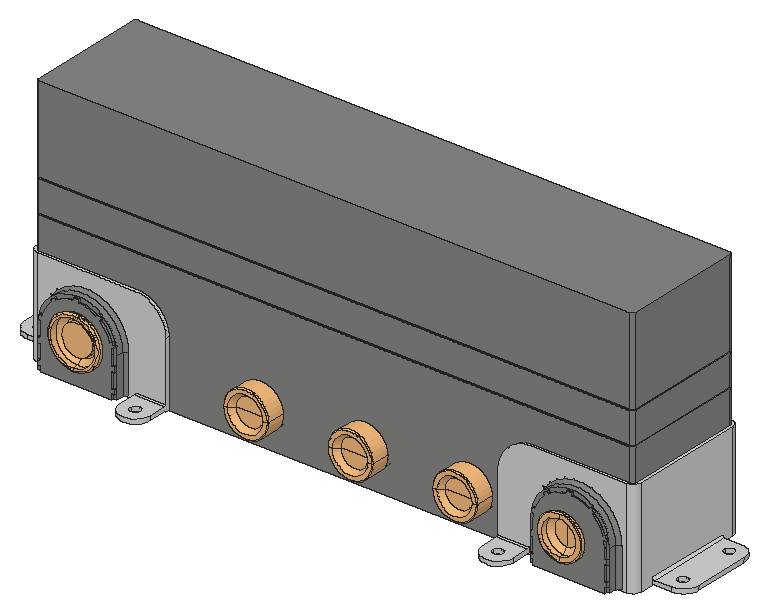
Revit family "Valve-Four_Outlet_Thermostatic-KOHLER-K-26342T_1", category Plumbing Fixtures, host Face, Revit 2017
Family settings
  Host = Face
  Round Connector Dimension = Use Diameter
  Part Type = Normal
  OmniClass Number = 23.27.31.00
  OmniClass Title = Valves
  Cut with Voids When Loaded = No
  Shared = No
  Room Calculation Point = No
Parameters (values of type "NA-Not Applicable")
  Width = 16 33/64"  # constant formula
  WaterSense Certified = 1 = 0  # no
  Waste Connection = 1 = 0  # no
  Vent Connection = 1 = 0  # no
  Tempered Water Outlet 4 = "Tempered Water Outlet 4"  # constant formula
  Tempered Water Outlet 3 = "Tempered Water Outlet 3"  # constant formula
  Tempered Water Outlet 2 = "Tempered Water Outlet 2"  # constant formula
  Tempered Water Outlet 1 = "Tempered Water Outlet 1"  # constant formula
  URL = "http://www.kohler.com.cn/"
  Type = 1
  Product Page URL = ""
  Product Name = ""
  Product Documentation Link = ""
  Pressure = 0.00 psi  # constant formula
  Model = "K-26342T-NA"  # constant formula
  Material = "Plastic construction"  # constant formula
  Master Format 2014 Name = "Control Valves"  # constant formula
  Master Format 2014 = "23 09 13.33"  # constant formula
  Manufacturer Address = "Kohler Beijing Office (100016) 36-2-03-B, No. 88, Liuxiang Road, Beijing"  # constant formula
  Manufacturer = "KOHLER Co."  # constant formula
  Length = 6 13/128"
  Hot Water Inlet = "Hot Water Inlet"  # constant formula
  Height = 4 113/128"
  HW Connection = 1 = 1  # yes
  Flow Rate = 1.75 GPM  # constant formula
  Finish = Kohler-Plastic-58-Thunder_Grey
  Environmental Product Declaration = ""
  Description = "REC PUSH-BUTTON TH VALVE- 4 OUTLET"  # constant formula
  Default Elevation = 42"
  Declare Label = ""
  Date Modified = "02/09/2021"  # constant formula
  Date Created = "02/09/2021"  # constant formula
  Copyright = "Copyright KOHLER Co."  # constant formula
  Contact Us = "http://www.kohler.com.cn/contact/contact-us/"
  Tempered Water Outlet 4 UP [instance] = yes
  Tempered Water Outlet 4 Down [instance] = not(Tempered Water Outlet 4 UP)  # no
  Tempered Water Outlet 3 UP [instance] = yes
  Tempered Water Outlet 3 Down [instance] = not(Tempered Water Outlet 3 UP)  # no
  Tempered Water Outlet 2 UP [instance] = yes
  Tempered Water Outlet 2 Down [instance] = not(Tempered Water Outlet 2 UP)  # no
  Tempered Water Outlet 1 UP [instance] = yes
  Tempered Water Outlet 1 Down [instance] = not(Tempered Water Outlet 1 UP)  # no
  Cold Water Inlet = "Cold Water Inlet"  # constant formula
  CW Connection = 1 = 1  # yes
  Assembly Code = "D2020"
  ADA Compliant = 1 = 0  # no
Reference planes (in)
  plane 1 "Center (Front/Back)": y = 0
  plane 2: z = 0
  plane 3 "Center (Left/Right)": x = 0
  plane 4: y = 2.44056
  plane 5: y = -2.44225
  plane 6: x = -8.2579
  plane 7: x = 8.25773
  plane 8: y = 2.06786
  plane 9: x = -7.88396
  plane 10: x = 7.88396
  plane 11: y = 0.7088
  plane 12: y = -0.7088
  plane 13: y = -2.06786
  plane 14: x = -4.439
  plane 15: x = 4.439
  plane 16: y = 1.59449
  plane 17: y = -1.59449
  plane 18: x = -7.41144
  plane 19: x = 7.41144
  plane 20: x = -6.0332
  plane 21: x = -1.81655
  plane 22: x = 3.3062
  plane 23: x = 0.7424
  plane 24: y = 1.06299
  plane 25: y = -1.06299
  plane 26: y = 1.51575
  plane 27: y = -1.51575
  plane 28: x = -7.31302
  plane 29: x = 3.67991
  plane 30: x = 7.31302
  plane 31: x = 5.84649
  plane 32: z = -6.10156
  plane 33: z = -5.22155
  plane 34: z = -5.11726
Forms (in)
  Extrusion 1, void
    sketch origin (0, 0, 0) x (1, 0, 0) y (0, 1, 0)
      loop
        line (-7.41144, 1.59449) -> (-7.41144, -1.59449) -> (7.41144, -1.59449) -> (7.41144, 1.59449) -> (-7.41144, 1.59449)
    from -6.10156 to 0.42611
  Extrusion 2, void
    sketch origin (0, 0, 0) x (1, 0, 0) y (0, 1, 0)
      loop
        line (-8.2579, -2.44056) -> (8.2579, -2.44056) -> (8.2579, 2.44188) -> (-8.2579, 2.44188) -> (-8.2579, -2.44056)
    from -3.65797 to -6.10236
Dimensions and locks (in)
  "Width": plane 6 to plane 7
  plane 14 to plane 15 = 8.878"
  plane 9 to plane 10 = 15.76792"
  plane 12 to plane 11 = 1.4176"
  plane 18 to plane 19 = 14.82288"
  plane 16 to plane 17 = 3.18898"
  plane 28 to plane 30 = 14.62603"
  plane 30 to plane 28 = 14.62603"
  plane 34 to plane 32 = 0.98431"
  plane 33 to plane 32 = 0.88001"
  "Length": level to plane 32
  "Height": plane 4 to plane 5
  aligned and locked: plane 2 to host face
  aligned and locked: level to host face
Automatic sketch dimensions
  host sketch curve to host sketch curve = 96"  (x2)
  Extrusion 1 sketch curve to plane 18 = 0"
  plane 17 to Extrusion 1 sketch curve = 0"
  Extrusion 1 sketch curve to plane 16 = 0"
  Extrusion 1 sketch curve to plane 19 = 0"
  Extrusion 2 sketch curve to plane 6 = 0"
  Extrusion 2 sketch curve to plane 5 = 0.00169"
  plane 4 to Extrusion 2 sketch curve = 0.00132"
  plane 7 to Extrusion 2 sketch curve = 0.00017"
Nested families (in)
  nested 1: "K-26342T" at (0, 0, -6.10236), type "K-26342T"
Connectors (in)
  piping at (-1.81655, 1.9404, -5.22241), diameter 0.5, driven by "Tempered Water Outlet 1", driven by "Flow Rate", driven by "HW Connection"
    settings: on nested 1, index 1, connector inside diameter 24", connector length 0", flow factor 0, pipe flow 1.75 GPM, pressure drop 0.00 psi, fitting loss kfactor 0, connector angle 0.00°, fixture units 0, engagement length 0", angle of deflection 0.00°, flow configuration 1, flow direction 2, fitting loss method 0, system type 19, joint type 0, gender type 0, connector reference index -1, connector utility 1, adjustable connector no, is connector primary yes, connector description "Tempered Water Outlet 1"
  piping at (0.7424, 1.9404, -5.22241), diameter 0.5, driven by "Flow Rate", driven by "HW Connection", driven by "Tempered Water Outlet 2"
    settings: on nested 1, index 2, connector inside diameter 24", connector length 0", flow factor 0, pipe flow 1.75 GPM, pressure drop 0.00 psi, fitting loss kfactor 0, connector angle 0.00°, fixture units 0, engagement length 0", angle of deflection 0.00°, flow configuration 1, flow direction 2, fitting loss method 0, system type 19, joint type 0, gender type 0, connector reference index -1, connector utility 1, adjustable connector no, is connector primary no, connector description "Tempered Water Outlet 2"
  piping at (3.3062, 1.94039, -5.22241), diameter 0.5, driven by "Flow Rate", driven by "HW Connection", driven by "Tempered Water Outlet 3"
    settings: on nested 1, index 3, connector inside diameter 24", connector length 0", flow factor 0, pipe flow 1.75 GPM, pressure drop 0.00 psi, fitting loss kfactor 0, connector angle 0.00°, fixture units 0, engagement length 0", angle of deflection 0.00°, flow configuration 1, flow direction 2, fitting loss method 0, system type 19, joint type 0, gender type 0, connector reference index -1, connector utility 1, adjustable connector no, is connector primary no, connector description "Tempered Water Outlet 3"
  piping at (5.84649, 1.85039, -5.22241), diameter 0.5, driven by "Flow Rate", driven by "HW Connection", driven by "Tempered Water Outlet 4"
    settings: on nested 1, index 4, connector inside diameter 24", connector length 0", flow factor 0, pipe flow 1.75 GPM, pressure drop 0.00 psi, fitting loss kfactor 0, connector angle 0.00°, fixture units 0, engagement length 0", angle of deflection 0.00°, flow configuration 1, flow direction 2, fitting loss method 0, system type 19, joint type 0, gender type 0, connector reference index -1, connector utility 1, adjustable connector no, is connector primary no, connector description "Tempered Water Outlet 4"
  piping at (-6.0332, -1.85039, -5.11811), diameter 0.75, driven by "Flow Rate", driven by "HW Connection", driven by "Hot Water Inlet"
    settings: on nested 1, index 5, connector inside diameter 24", connector length 0", flow factor 0, pipe flow 1.75 GPM, pressure drop 0.00 psi, fitting loss kfactor 0, connector angle 0.00°, fixture units 0, engagement length 0", angle of deflection 0.00°, flow configuration 1, flow direction 1, fitting loss method 0, system type 19, joint type 0, gender type 0, connector reference index -1, connector utility 1, adjustable connector no, is connector primary no, connector description "Hot Water Inlet"
  piping at (-6.0332, 1.85039, -5.11811), diameter 0.75, driven by "Flow Rate", driven by "CW Connection", driven by "Cold Water Inlet"
    settings: on nested 1, index 6, connector inside diameter 24", connector length 0", flow factor 0, pipe flow 1.75 GPM, pressure drop 0.00 psi, fitting loss kfactor 0, connector angle 0.00°, fixture units 0, engagement length 0", angle of deflection 0.00°, flow configuration 0, flow direction 1, fitting loss method 0, system type 20, joint type 0, gender type 0, connector reference index -1, connector utility 1, adjustable connector no, is connector primary no, connector description "Cold Water Inlet"
Definition of nested family "K-26342T"
  Parameters (values of type "K-26342T")
    Material = none
    Connector 4 UP = yes
    Connector 4 Down = not(Connector 4 UP)  # no
    Connector 4 Dis = if(Connector 4 UP, 3 1/32", 0")  # 3 1/32"
    Connector 4 Angle = if(Connector 4 UP, 0.00°, 180.00°)  # 0.00°
    Connector 3 UP = yes
    Connector 3 Down = not(Connector 3 UP)  # no
    Connector 3 Dis = if(Connector 3 UP, 3 1/32", 0")  # 3 1/32"
    Connector 3 Angle = if(Connector 3 UP, 180.00°, 0.00°)  # 180.00°
    Connector 2 UP = yes
    Connector 2 Down = not(Connector 2 UP)  # no
    Connector 2 Dis = if(Connector 2 UP, 3 1/32", 0")  # 3 1/32"
    Connector 2 Angle = if(Connector 2 UP, 0.00°, 180.00°)  # 0.00°
    Connector 1 UP = yes
    Connector 1 Down = not(Connector 1 UP)  # no
    Connector 1 Dis = if(Connector 1 UP, 3 1/32", 0")  # 3 1/32"
    Connector 1 Angle = if(Connector 1 UP, 180.00°, 0.00°)  # 180.00°
  Reference planes (in)
    plane 1 "Center (Front/Back)": y = 0
    plane 2: z = 0
    plane 3 "Center (Left/Right)": x = 0
    plane 4: y = 2.44056
    plane 5: y = 1.51575
    plane 6: y = -2.44056
    plane 7: y = -1.51575
    plane 8: y = 1.59449
    plane 9: y = -1.59449
    plane 10: x = -8.2579
    plane 11: x = -7.41144
    plane 12: x = -7.31302
    plane 13: x = -7.0079
    plane 14: x = -6.96853
    plane 15: x = -5.05851
    plane 16: x = -5.09788
    plane 17: x = -4.81302
    plane 18: x = -4.06498
    plane 19: x = -2.37242
    plane 20: x = -1.26962
    plane 21: x = 0.18692
    plane 22: x = 1.28972
    plane 23: x = 2.74605
    plane 24: x = 3.84885
    plane 25: x = 4.06498
    plane 26: x = 4.81302
    plane 27: x = 5.05851
    plane 28: x = 5.09788
    plane 29: x = 5.30429
    plane 30: x = 6.40685
    plane 31: x = 6.96853
    plane 32: x = 7.0079
    plane 33: x = 8.2579
    plane 34: x = 7.41144
    plane 35: x = 7.31302
    plane 36: z = 6.10236
    plane 37: z = 5.70866
    plane 38: z = 2.38189
    plane 39: z = 0.11829
    plane 40: x = -7.06464
    plane 41: x = -7.21499
    plane 42: x = -4.99619
    plane 43: x = -4.93113
    plane 44: x = 4.96061
    plane 45: x = 7.10628
    plane 46: x = 7.21499
    plane 47: x = -1.81655
    plane 48: x = 5.84649
    plane 49: x = 3.3062
    plane 50: x = 0.7424
    plane 51: x = -6.0332
    plane 52: y = 1.43715
    plane 53: y = 1.39764
    plane 54: y = -1.43715
    plane 55: y = -1.39764
    plane 56: y = -0.04594
    plane 57: y = 1.06299
    plane 58: y = -1.06299
    plane 59: y = 0.7088
    plane 60: y = -0.70874
    plane 61: y = 2.06786
    plane 62: x = -4.439
    plane 63: x = -7.88396
    plane 64: x = 7.88396
    plane 65: y = -2.06786
    plane 66: x = 4.439
    plane 67: z = 0.21715
    plane 68 "B": y = 1.5155
    plane 69 "C": y = 1.5155
    plane 70 "D": y = 1.5155
    plane 71 "E": y = 1.5155
    plane 72: z = 0.87995
    plane 73: z = 0.98425
    plane 74: y = 1.98819
    plane 75: y = -1.98819
  Forms (in)
    Extrusion 1, solid, material <- "Material", detail levels medium+fine
      sketch origin (0, 0, 0) x (1, 0, 0) y (0, 1, 0)
        loop
          line (7.23528, 1.51575) -> (-7.23442, 1.51575)
          arc (-7.23442, 1.51575) -> (-7.29, 1.49273) -> (-7.31302, 1.43715) r 0.0786
          line (-7.31302, 1.43715) -> (-7.31302, -1.43749)
          arc (-7.31302, -1.43749) -> (-7.29009, -1.49283) -> (-7.23476, -1.51575) r 0.07826
          line (-7.23476, -1.51575) -> (7.23455, -1.51575)
          arc (7.23455, -1.51575) -> (7.29, -1.49278) -> (7.31297, -1.43733) r 0.07842
          line (7.31297, -1.43733) -> (7.31297, 1.43806)
          arc (7.31297, 1.43806) -> (7.29022, 1.49299) -> (7.23528, 1.51575) r 0.07769
      from 0 to 6.10236
    Extrusion 2, solid, detail levels medium+fine
      sketch origin (0, 0, 0) x (1, 0, 0) y (0, 1, 0)
        loop
          line (-3.3914, 1.59449) -> (-7.21405, 1.59449)
          arc (-7.21405, 1.59449) -> (-7.35363, 1.53667) -> (-7.41144, 1.3971) r 0.19739
          line (-7.41144, 1.3971) -> (-7.41144, -1.39804)
          arc (-7.41144, -1.39804) -> (-7.3539, -1.53695) -> (-7.21499, -1.59449) r 0.19645
          line (-7.21499, -1.59449) -> (-3.3914, -1.59449) -> (-3.3914, 1.59449)
        loop
          line (3.827, 1.59449) -> (3.827, -1.59449) -> (7.21499, -1.59449)
          arc (7.21499, -1.59449) -> (7.3539, -1.53695) -> (7.41144, -1.39804) r 0.19645
          line (7.41144, -1.39804) -> (7.41144, 1.3971)
          arc (7.41144, 1.3971) -> (7.35363, 1.53667) -> (7.21405, 1.59449) r 0.19739
          line (7.21405, 1.59449) -> (3.827, 1.59449)
      from 0 to 3.16929
    Extrusion 3, void
      sketch origin (0, 0, 0) x (1, 0, 0) y (0, 0, 1)
        loop
          arc (-4.8502, 2.38189) -> (-4.29497, 2.15191) -> (-4.06498, 1.59667) r 0.78522
          line (-4.06498, 1.59667) -> (-4.06498, -0.30561) -> (-3.06498, -0.30561) -> (-3.06498, 3.38189) -> (-7.81498, 3.38189) -> (-7.81498, 2.38189) -> (-4.8502, 2.38189)
        loop
          line (7.8518, 2.38189) -> (7.8518, 3.38189) -> (3.2893, 3.38189) -> (3.2893, -0.71748) -> (4.06494, -0.71748) -> (4.06494, 1.59502)
          arc (4.06494, 1.59502) -> (4.29541, 2.15142) -> (4.8518, 2.38189) r 0.78687
          line (4.8518, 2.38189) -> (7.8518, 2.38189)
      from -2.82494 to 2.86769
    Extrusion 4, solid, detail levels medium+fine
      sketch origin (0, 0, -0.00391) x (1, 0, 0) y (0, 1, 0)
        loop
          line (-7.41144, 1.06299) -> (-7.8832, 1.06299)
          arc (-7.8832, 1.06299) -> (-8.14815, 0.95325) -> (-8.2579, 0.68829) r 0.3747
          line (-8.2579, 0.68829) -> (-8.2579, -0.68823)
          arc (-8.2579, -0.68823) -> (-8.14813, -0.95323) -> (-7.88314, -1.06299) r 0.37476
          line (-7.88314, -1.06299) -> (-7.41144, -1.06299) -> (-7.41144, 1.06299)
        loop
          arc (-4.81302, -2.06655) -> (-4.439, -2.44056) -> (-4.06498, -2.06655) r 0.37402
          line (-4.06498, -2.06655) -> (-4.06498, -1.59449) -> (-4.81302, -1.59449) -> (-4.81302, -2.06655)
        loop
          line (-4.06498, 1.59449) -> (-4.06498, 2.06786)
          arc (-4.06498, 2.06786) -> (-4.439, 2.44188) -> (-4.81302, 2.06786) r 0.37402
          line (-4.81302, 2.06786) -> (-4.81302, 1.59449) -> (-4.06498, 1.59449)
        loop
          circle (-7.88396, 0.7088) r 0.12529
        loop
          circle (-7.88396, -0.7088) r 0.12529
        loop
          circle (-4.439, 2.06786) r 0.12354
        loop
          circle (-4.439, -2.06655) r 0.12509
        loop
          line (7.41144, 1.06299) -> (7.41144, -1.06299) -> (7.88314, -1.06299)
          arc (7.88314, -1.06299) -> (8.14813, -0.95323) -> (8.2579, -0.68823) r 0.37476
          line (8.2579, -0.68823) -> (8.2579, 0.68829)
          arc (8.2579, 0.68829) -> (8.14815, 0.95325) -> (7.8832, 1.06299) r 0.3747
          line (7.8832, 1.06299) -> (7.41144, 1.06299)
        loop
          line (4.81302, -2.06655) -> (4.81302, -1.59449) -> (4.06498, -1.59449) -> (4.06498, -2.06655)
          arc (4.06498, -2.06655) -> (4.439, -2.44056) -> (4.81302, -2.06655) r 0.37402
        loop
          line (4.06498, 1.59449) -> (4.81302, 1.59449) -> (4.81302, 2.06786)
          arc (4.81302, 2.06786) -> (4.439, 2.44188) -> (4.06498, 2.06786) r 0.37402
          line (4.06498, 2.06786) -> (4.06498, 1.59449)
        loop
          circle (7.88396, 0.7088) r 0.12529
        loop
          circle (7.88396, -0.7088) r 0.12529
        loop
          circle (4.439, 2.06786) r 0.12354
        loop
          circle (4.439, -2.06655) r 0.12509
      from 0.02344 to 0.12219
    Sweep 5, solid, material <- "Material", detail levels medium+fine
      path origin (0, 0, 0) x (1, 0, 0) y (0, 0, 1)
        loop
          line (-5.05908, 0.01969) -> (-5.05908, 0.98445)
          arc (-5.05908, 0.98445) -> (-6.03349, 1.95886) -> (-7.0079, 0.98445) r 0.97441
          line (-7.0079, 0.98445) -> (-7.0079, 0.01969)
      profile origin (-7.0079, 0, 0.50207) x (0, -1, 0) y (1, 0, 0)
        loop
          line (1.85039, 0) -> (1.85039, 0.31023) -> (1.58863, 0.31023) -> (1.58863, -0.07652)
          arc (1.58863, -0.07652) -> (1.62824, -0.02118) -> (1.69291, 0) r 0.10932
          line (1.69291, 0) -> (1.85039, 0)
        loop
          line (-1.85039, 0) -> (-1.69291, 0)
          arc (-1.69291, 0) -> (-1.62824, -0.02118) -> (-1.58863, -0.07652) r 0.10932
          line (-1.58863, -0.07652) -> (-1.58863, 0.31023) -> (-1.85039, 0.31023) -> (-1.85039, 0)
    Sweep 6, solid, material <- "Material", detail levels medium+fine
      path origin (0, 0, 0) x (-1, 0, 0) y (0, 0, 1)
        loop
          line (-5.05908, 0.01969) -> (-5.05908, 0.98445)
          arc (-5.05908, 0.98445) -> (-6.03349, 1.95886) -> (-7.0079, 0.98445) r 0.97441
          line (-7.0079, 0.98445) -> (-7.0079, 0.01969)
      profile origin (7.0079, 0, 0.50207) x (0, -1, 0) y (1, 0, 0)
        loop
          line (1.85039, 0) -> (1.69291, 0)
          arc (1.69291, 0) -> (1.62042, 0.02929) -> (1.58863, 0.10072) r 0.10435
          line (1.58863, 0.10072) -> (1.58863, -0.31023) -> (1.85039, -0.31023) -> (1.85039, 0)
        loop
          line (-1.85039, 0) -> (-1.85039, -0.31023) -> (-1.58863, -0.31023) -> (-1.58863, 0.10072)
          arc (-1.58863, 0.10072) -> (-1.62042, 0.02929) -> (-1.69291, 0) r 0.10435
          line (-1.69291, 0) -> (-1.85039, 0)
    Extrusion 7, solid, material <- "Material", detail levels medium+fine
      sketch origin (0, 0, 0) x (1, 0, 0) y (0, 0, 1)
        loop
          line (-6.90947, 0.1378) -> (-6.90947, 0) -> (-5.1575, 0) -> (-5.1575, 0.1378) -> (-5.09845, 0.1378) -> (-5.09845, 0.25591) -> (-5.1575, 0.25591) -> (-5.1575, 0.62992) -> (-5.09845, 0.62992) -> (-5.09845, 0.74803) -> (-5.1575, 0.74803) -> (-5.1575, 0.98425)
          arc (-5.1575, 0.98425) -> (-5.16093, 1.06162) -> (-5.17117, 1.13839) r 0.87598
          line (-5.17117, 1.13839) -> (-5.1138, 1.15269)
          arc (-5.1138, 1.15269) -> (-5.12627, 1.21045) -> (-5.14235, 1.2673) r 0.93495
          line (-5.14235, 1.2673) -> (-5.19974, 1.25299)
          arc (-5.19974, 1.25299) -> (-5.29883, 1.46135) -> (-5.44887, 1.63661) r 0.87598
          line (-5.44887, 1.63661) -> (-5.4124, 1.68329)
          arc (-5.4124, 1.68329) -> (-5.45778, 1.72112) -> (-5.50546, 1.75602) r 0.93495
          line (-5.50546, 1.75602) -> (-5.54194, 1.70932)
          arc (-5.54194, 1.70932) -> (-5.7483, 1.81251) -> (-5.97443, 1.85824) r 0.87598
          line (-5.97443, 1.85824) -> (-5.97443, 1.91753)
          arc (-5.97443, 1.91753) -> (-6.03349, 1.9194) -> (-6.09254, 1.91753) r 0.93495
          line (-6.09254, 1.91753) -> (-6.09254, 1.85824)
          arc (-6.09254, 1.85824) -> (-6.31868, 1.81251) -> (-6.52503, 1.70932) r 0.87598
          line (-6.52503, 1.70932) -> (-6.56151, 1.75602)
          arc (-6.56151, 1.75602) -> (-6.60919, 1.72112) -> (-6.65458, 1.68329) r 0.93495
          line (-6.65458, 1.68329) -> (-6.61811, 1.63661)
          arc (-6.61811, 1.63661) -> (-6.76815, 1.46135) -> (-6.86723, 1.25299) r 0.87598
          line (-6.86723, 1.25299) -> (-6.92462, 1.2673)
          arc (-6.92462, 1.2673) -> (-6.94071, 1.21045) -> (-6.95317, 1.15269) r 0.93495
          line (-6.95317, 1.15269) -> (-6.8958, 1.13839)
          arc (-6.8958, 1.13839) -> (-6.90605, 1.06162) -> (-6.90947, 0.98425) r 0.87598
          line (-6.90947, 0.98425) -> (-6.90947, 0.74803) -> (-6.96853, 0.74803) -> (-6.96853, 0.62992) -> (-6.90947, 0.62992) -> (-6.90947, 0.25591) -> (-6.96853, 0.25591) -> (-6.96853, 0.1378) -> (-6.90947, 0.1378)
        loop
          line (6.90926, 0.1378) -> (6.96832, 0.1378) -> (6.96832, 0.25591) -> (6.90926, 0.25591) -> (6.90926, 0.62992) -> (6.96832, 0.62992) -> (6.96832, 0.74803) -> (6.90926, 0.74803) -> (6.90926, 0.98425)
          arc (6.90926, 0.98425) -> (6.90584, 1.06162) -> (6.8956, 1.13839) r 0.87598
          line (6.8956, 1.13839) -> (6.95296, 1.15269)
          arc (6.95296, 1.15269) -> (6.9405, 1.21045) -> (6.92441, 1.2673) r 0.93495
          line (6.92441, 1.2673) -> (6.86702, 1.25299)
          arc (6.86702, 1.25299) -> (6.76794, 1.46135) -> (6.6179, 1.63661) r 0.87598
          line (6.6179, 1.63661) -> (6.65437, 1.68329)
          arc (6.65437, 1.68329) -> (6.60899, 1.72112) -> (6.5613, 1.75602) r 0.93495
          line (6.5613, 1.75602) -> (6.52483, 1.70932)
          arc (6.52483, 1.70932) -> (6.31847, 1.81251) -> (6.09233, 1.85824) r 0.87598
          line (6.09233, 1.85824) -> (6.09233, 1.91753)
          arc (6.09233, 1.91753) -> (6.03328, 1.9194) -> (5.97422, 1.91753) r 0.93495
          line (5.97422, 1.91753) -> (5.97422, 1.85824)
          arc (5.97422, 1.85824) -> (5.74809, 1.81251) -> (5.54173, 1.70932) r 0.87598
          line (5.54173, 1.70932) -> (5.50525, 1.75602)
          arc (5.50525, 1.75602) -> (5.45757, 1.72112) -> (5.41219, 1.68329) r 0.93495
          line (5.41219, 1.68329) -> (5.44866, 1.63661)
          arc (5.44866, 1.63661) -> (5.29862, 1.46135) -> (5.19954, 1.25299) r 0.87598
          line (5.19954, 1.25299) -> (5.14214, 1.2673)
          arc (5.14214, 1.2673) -> (5.12606, 1.21045) -> (5.11359, 1.15269) r 0.93495
          line (5.11359, 1.15269) -> (5.17096, 1.13839)
          arc (5.17096, 1.13839) -> (5.16072, 1.06162) -> (5.15729, 0.98425) r 0.87598
          line (5.15729, 0.98425) -> (5.15729, 0.74803) -> (5.09824, 0.74803) -> (5.09824, 0.62992) -> (5.15729, 0.62992) -> (5.15729, 0.25591) -> (5.09824, 0.25591) -> (5.09824, 0.1378) -> (5.15729, 0.1378) -> (5.15729, 0) -> (6.90926, 0) -> (6.90926, 0.1378)
      from -1.92913 to 1.8897
    Revolve 8, solid, detail levels medium+fine
      sketch origin (-6.0332, 0, 0) x (0, 1, 0) y (0, 0, 1)
        loop
          line (-1.98819, 1.58465) -> (-1.98819, 1.52773) -> (-1.85039, 1.52773) -> (-1.72942, 1.40675) -> (-1.72942, 0.98425) -> (1.72942, 0.98425) -> (1.72942, 1.40675) -> (1.85039, 1.52773) -> (1.98819, 1.52773) -> (1.98819, 1.58465) -> (1.94895, 1.62388) -> (-1.94895, 1.62388) -> (-1.98819, 1.58465)
        axis (1.98819, 0.98425) -> (-1.98819, 0.98425)
      angle from 0 to 360
    Revolve 9, solid, detail levels medium+fine
      sketch origin (5.85547, 0, 0) x (0, 1, 0) y (0, 0, 1)
        loop
          line (-1.9685, 1.30575) -> (-1.84716, 1.30575) -> (-1.72942, 1.188) -> (-1.72942, 0.88583) -> (1.72942, 0.88583) -> (1.72942, 1.188) -> (1.84716, 1.30575) -> (1.9685, 1.30575) -> (1.9685, 1.4127) -> (1.94882, 1.43701) -> (-1.94882, 1.43701) -> (-1.9685, 1.4127) -> (-1.9685, 1.30575)
        axis (-1.9685, 0.88583) -> (1.9685, 0.88583)
      angle from 0 to 360
    Revolve 10, solid, detail levels medium+fine
      sketch origin (0, 0, 0.88574) x (1, 0, 0) y (0, 1, 0)
        loop
          line (2.86415, -1.9685) -> (2.95569, -1.83778) -> (3.29722, -1.83778) -> (3.29722, 1.83778) -> (2.95569, 1.83778) -> (2.86415, 1.9685) -> (2.76572, 1.9685) -> (2.74604, 1.94039) -> (2.74604, -1.94039) -> (2.76572, -1.9685) -> (2.86415, -1.9685)
        axis (3.29722, -1.9685) -> (3.29722, 1.9685)
      angle from 0 to 360
    Revolve 11, solid, detail levels medium+fine
      sketch origin (4.03612, 0, 0.88574) x (-1, 0, 0) y (0, -1, 0)
        loop
          line (3.73029, 1.9685) -> (3.63876, 1.83777) -> (3.29722, 1.83777) -> (3.29722, -1.83778) -> (3.63876, -1.83778) -> (3.73029, -1.96851) -> (3.82872, -1.96851) -> (3.8484, -1.9404) -> (3.8484, 1.94039) -> (3.82872, 1.9685) -> (3.73029, 1.9685)
        axis (3.29722, 1.9685) -> (3.29722, -1.96851)
      angle from 0 to 360
    Revolve 12, solid, detail levels medium+fine
      sketch origin (-5.11824, 0, 0.88574) x (1, 0, 0) y (0, 1, 0)
        loop
          line (2.86415, -1.9685) -> (2.95569, -1.83778) -> (3.29722, -1.83778) -> (3.29722, 1.83778) -> (2.95569, 1.83778) -> (2.86415, 1.9685) -> (2.76572, 1.9685) -> (2.74604, 1.94039) -> (2.74604, -1.94039) -> (2.76572, -1.9685) -> (2.86415, -1.9685)
        axis (3.29722, -1.9685) -> (3.29722, 1.9685)
      angle from 0 to 360
    Sweep 13, void
      path origin (0, 0, 0) x (1, 0, 0) y (0, 1, 0)
        loop
          line (-7.31302, 1.43715) -> (-7.31302, -1.43749)
          arc (-7.31302, -1.43749) -> (-7.29009, -1.49283) -> (-7.23476, -1.51575) r 0.07826
          line (-7.23476, -1.51575) -> (7.23455, -1.51575)
          arc (7.23455, -1.51575) -> (7.29, -1.49278) -> (7.31297, -1.43733) r 0.07842
          line (7.31297, -1.43733) -> (7.31297, 1.43806)
          arc (7.31297, 1.43806) -> (7.29022, 1.49299) -> (7.23528, 1.51575) r 0.07769
          line (7.23528, 1.51575) -> (-7.23442, 1.51575)
          arc (-7.23442, 1.51575) -> (-7.29, 1.49273) -> (-7.31302, 1.43715) r 0.0786
      profile origin (-7.31302, -0.00017, 0) x (1, 0, 0) y (0, 0, 1)
        loop
          line (0.01969, 3.20866) -> (-0.03333, 3.20866) -> (-0.03333, 3.16929) -> (0.01969, 3.16929) -> (0.01969, 3.20866)
        loop
          line (0.01969, 3.99606) -> (-0.03033, 3.99606) -> (-0.03033, 3.95669) -> (0.01969, 3.95669) -> (0.01969, 3.99606)
    Extrusion 14, void
      sketch origin (0, 0, 0) x (1, 0, 0) y (0, 0, 1)
        loop
          circle (-6.0332, 0.98425) r 0.60039
      from 1.43701 to 2.06237
    Extrusion 15, void
      sketch origin (0, 0, 0) x (1, 0, 0) y (0, 0, 1)
        loop
          circle (5.85547, 0.88583) r 0.44719
      from 1.06299 to 2.19501
    Extrusion 16, void
      sketch origin (0, 0, 0) x (1, 0, 0) y (0, 0, -1)
        loop
          circle (-6.0332, -0.98425) r 0.60039
      from 1.43701 to 2.06237
    Extrusion 17, void
      sketch origin (0, 0, 0) x (1, 0, 0) y (0, 0, -1)
        loop
          circle (5.85547, -0.88583) r 0.5
      from 1.06299 to 2.19501
    Extrusion 18, solid, detail levels medium+fine
      sketch origin (0, 0, 0) x (1, 0, 0) y (0, 0, 1)
        loop
          line (-7.50289, 0.11079) -> (-7.40402, 0.11079) -> (-7.40402, 0.20277)
          arc (-7.40402, 0.20277) -> (-7.43537, 0.13734) -> (-7.50289, 0.11079) r 0.09913
      from -1.06299 to 1.06299
    Extrusion 19, solid, detail levels medium+fine
      sketch origin (0, 0, 0) x (-1, 0, 0) y (0, 0, -1)
        loop
          arc (-7.50289, -0.11079) -> (-7.43537, -0.13734) -> (-7.40402, -0.20277) r 0.09913
          line (-7.40402, -0.20277) -> (-7.40402, -0.11079) -> (-7.50289, -0.11079)
      from -1.06299 to 1.06299
    Extrusion 20, solid, detail levels medium+fine
      sketch origin (0, -0.10547, -0.00391) x (0, 1, 0) y (0, 0, 1)
        loop
          arc (1.75993, 0.11488) -> (1.70932, 0.14101) -> (1.68901, 0.19422) r 0.07984
          line (1.68901, 0.19422) -> (1.68901, 0.11488) -> (1.75993, 0.11488)
      from 4.06494 to 4.81302
    Extrusion 21, solid, detail levels medium+fine
      sketch origin (0, -0.10547, -0.00391) x (0, 1, 0) y (0, 0, -1)
        loop
          line (1.75993, -0.11488) -> (1.68901, -0.11488) -> (1.68901, -0.19422)
          arc (1.68901, -0.19422) -> (1.70932, -0.14101) -> (1.75993, -0.11488) r 0.07984
      from 4.06494 to 4.81302
    Extrusion 22, solid, detail levels medium+fine
      sketch origin (0, 0.10547, -0.00391) x (0, -1, 0) y (0, 0, -1)
        loop
          line (1.75993, -0.11488) -> (1.68901, -0.11488) -> (1.68901, -0.19422)
          arc (1.68901, -0.19422) -> (1.70932, -0.14101) -> (1.75993, -0.11488) r 0.07984
      from 4.06494 to 4.81302
    Extrusion 23, solid, detail levels medium+fine
      sketch origin (0, 0.10547, -0.00391) x (0, -1, 0) y (0, 0, 1)
        loop
          arc (1.75993, 0.11488) -> (1.70932, 0.14101) -> (1.68901, 0.19422) r 0.07984
          line (1.68901, 0.19422) -> (1.68901, 0.11488) -> (1.75993, 0.11488)
      from 4.06494 to 4.81302
    Extrusion 24, solid, detail levels medium+fine
      sketch origin (0, 0, 0) x (1, 0, 0) y (0, 0, 1)
        loop
          circle (-6.0332, 0.98425) r 0.375
      from -1.85039 to 1.85039
    Extrusion 25, solid, material <- "Material", detail levels coarse
      sketch origin (0, 0, 0) x (1, 0, 0) y (0, 0, 1)
        loop
          line (7.34422, 6.22736) -> (-7.37552, 6.22736) -> (-7.37552, 0) -> (7.34422, 0) -> (7.34422, 6.22736)
      from -1.53543 to 1.53543
    Extrusion 26, solid, detail levels coarse
      sketch origin (0, 0, 0) x (1, 0, 0) y (0, 0, 1)
        loop
          line (-7.53644, 2.44439) -> (-7.53644, 0) -> (-4.06498, 0) -> (-4.06498, 2.44439) -> (-7.53644, 2.44439)
      from -1.59449 to 1.59449
    Extrusion 27, solid, detail levels coarse
      sketch origin (0, 0, 0) x (-1, 0, 0) y (0, 0, -1)
        loop
          line (-7.53644, -2.44439) -> (-4.06498, -2.44439) -> (-4.06498, 0) -> (-7.53644, 0) -> (-7.53644, -2.44439)
      from -1.59449 to 1.59449
    Extrusion 28, solid, detail levels coarse
      sketch origin (0, 0, 0) x (1, 0, 0) y (0, 0, 1)
        loop
          line (-7.08442, 0) -> (-4.98256, 0) -> (-4.98256, 0.98862)
          arc (-4.98256, 0.98862) -> (-6.03349, 2.03955) -> (-7.08442, 0.98862) r 1.05093
          line (-7.08442, 0.98862) -> (-7.08442, 0)
      from -1.92913 to 1.8897
    Extrusion 29, solid, detail levels coarse
      sketch origin (0, 0, 0) x (-1, 0, 0) y (0, 0, -1)
        loop
          line (-7.08442, 0) -> (-7.08442, -0.98862)
          arc (-7.08442, -0.98862) -> (-6.03349, -2.03955) -> (-4.98256, -0.98862) r 1.05093
          line (-4.98256, -0.98862) -> (-4.98256, 0) -> (-7.08442, 0)
      from -1.92913 to 1.8897
    Extrusion 30, solid, detail levels coarse
      sketch origin (0, 0, 0) x (1, 0, 0) y (0, 0, 1)
        loop
          circle (-6.0332, 0.98425) r 0.69038
      from -1.98819 to 1.98819
    Extrusion 31, solid, detail levels coarse
      sketch origin (12.69224, 0, -0.09375) x (1, 0, 0) y (0, 0, 1)
        loop
          circle (-14.51192, 0.97949) r 0.58377
        loop
          circle (-11.952, 0.97949) r 0.58377
        loop
          circle (-9.39368, 0.97949) r 0.58377
      from -1.98819 to 1.98819
    Extrusion 32, solid, detail levels coarse
      sketch origin (11.89365, 0, -0.09375) x (1, 0, 0) y (0, 0, 1)
        loop
          circle (-6.03818, 0.97958) r 0.56629
      from -1.98819 to 1.98819
    Extrusion 33, solid, detail levels coarse
      sketch origin (0, 0, 0) x (1, 0, 0) y (0, 1, 0)
        loop
          line (-8.2579, -1.06299) -> (-7.41144, -1.06299) -> (-7.41144, -1.59449) -> (-4.81302, -1.59449) -> (-4.81302, -2.06655)
          arc (-4.81302, -2.06655) -> (-4.439, -2.44056) -> (-4.06498, -2.06655) r 0.37402
          line (-4.06498, -2.06655) -> (-4.06498, 2.06786)
          arc (-4.06498, 2.06786) -> (-4.439, 2.44188) -> (-4.81302, 2.06786) r 0.37402
          line (-4.81302, 2.06786) -> (-4.81302, 1.59449) -> (-7.41144, 1.59449) -> (-7.41144, 1.06299) -> (-8.2579, 1.06299) -> (-8.2579, -1.06299)
        loop
          line (8.2579, -1.06299) -> (8.2579, 1.06299) -> (7.41144, 1.06299) -> (7.41144, 1.59449) -> (4.81302, 1.59449) -> (4.81302, 2.06786)
          arc (4.81302, 2.06786) -> (4.439, 2.44188) -> (4.06498, 2.06786) r 0.37402
          line (4.06498, 2.06786) -> (4.06498, -2.06655)
          arc (4.06498, -2.06655) -> (4.439, -2.44056) -> (4.81302, -2.06655) r 0.37402
          line (4.81302, -2.06655) -> (4.81302, -1.59449) -> (7.41144, -1.59449) -> (7.41144, -1.06299) -> (8.2579, -1.06299)
        loop
          circle (-4.439, -2.06655) r 0.12509
        loop
          circle (-7.88396, -0.7088) r 0.12529
        loop
          circle (-7.88396, 0.7088) r 0.12529
        loop
          circle (-4.439, 2.06786) r 0.12354
        loop
          circle (4.439, 2.06786) r 0.12354
        loop
          circle (4.439, -2.06655) r 0.12509
        loop
          circle (7.88396, -0.7088) r 0.12529
        loop
          circle (7.88396, 0.7088) r 0.12529
      from 0 to 0.23414
    Revolve 34, solid, detail levels medium+fine
      sketch origin (5.84649, 1.5155, 0.87995) x (0, 1, 0) y (-1, 0, 0)
        loop
          line (0.00004, 0) -> (0.00004, -0.25) -> (0.33489, -0.25) -> (0.33489, 0) -> (0.00004, 0)
        axis (0.00004, 0) -> (0.33489, 0)
      angle from 0 to 360
    Revolve 35, solid, detail levels medium+fine
      sketch origin (3.3062, 1.5155, 0.87995) x (0, 1, 0) y (-1, 0, 0)
        loop
          line (0.00113, 0) -> (0.00113, -0.25) -> (0.42489, -0.25) -> (0.42489, 0) -> (0.00113, 0)
        axis (0.00113, 0) -> (0.42489, 0)
      angle from 0 to 360
    Revolve 36, solid, detail levels medium+fine
      sketch origin (0.7424, 1.5155, 0.87995) x (0, 1, 0) y (-1, 0, 0)
        loop
          line (0.0011, 0) -> (0.0011, -0.25) -> (0.4249, -0.25) -> (0.4249, 0) -> (0.0011, 0)
        axis (0.0011, 0) -> (0.4249, 0)
      angle from 0 to 360
    Revolve 37, solid, detail levels medium+fine
      sketch origin (-1.81655, 1.5155, 0.87995) x (0, 1, 0) y (-1, 0, 0)
        loop
          line (0.00116, 0) -> (0.00116, -0.25) -> (0.4249, -0.25) -> (0.4249, 0) -> (0.00116, 0)
        axis (0.00116, 0) -> (0.4249, 0)
      angle from 0 to 360
  Cuts and joins
    Sweep 13, Extrusion 16, Extrusion 17 cuts Extrusion 1
    Extrusion 16, Extrusion 17 cuts Sweep 5
    Extrusion 16, Extrusion 17 cuts Sweep 6
    Extrusion 14, Extrusion 15, Extrusion 16, Extrusion 17 cuts Extrusion 7
    joined: Extrusion 1, Sweep 5, Sweep 6, Extrusion 7
    Extrusion 3, Extrusion 16, Extrusion 17 cuts Extrusion 2
    joined: Extrusion 2, Extrusion 4, Extrusion 18, Extrusion 19, Extrusion 20, Extrusion 21, Extrusion 22, Extrusion 23
    joined: Revolve 8, Revolve 9, Revolve 10, Revolve 11, Revolve 12, Extrusion 24
    joined: Extrusion 26, Extrusion 27, Extrusion 28, Extrusion 29, Extrusion 33
    joined: Extrusion 30, Extrusion 31, Extrusion 32
  Lines and regions (in)
    Masking region 1
      outline origin (0, 0, 0) x (1, 0, 0) y (0, 1, 0)
        loop
          line (-7.41144, 1.39804) -> (-7.41144, -1.39804)
          arc (-7.41144, -1.39804) -> (-7.3539, -1.53695) -> (-7.21499, -1.59449) r 0.19645
          line (-7.21499, -1.59449) -> (7.21499, -1.59449)
          arc (7.21499, -1.59449) -> (7.3539, -1.53695) -> (7.41144, -1.39804) r 0.19645
          line (7.41144, -1.39804) -> (7.41144, 1.39804)
          arc (7.41144, 1.39804) -> (7.3539, 1.53695) -> (7.21499, 1.59449) r 0.19645
          line (7.21499, 1.59449) -> (-7.21499, 1.59449)
          arc (-7.21499, 1.59449) -> (-7.3539, 1.53695) -> (-7.41144, 1.39804) r 0.19645
    Masking region 2, detail levels medium+fine
      outline origin (0, 0, 0) x (1, 0, 0) y (0, 0, 1)
        loop
          line (7.31288, 6.10236) -> (-7.31302, 6.10236) -> (-7.31302, 2.38189) -> (-7.41144, 2.38189) -> (-7.41144, 0.21465)
          arc (-7.41144, 0.21465) -> (-7.43972, 0.14638) -> (-7.50798, 0.11811) r 0.09654
          line (-7.50798, 0.11811) -> (-8.2579, 0.11811) -> (-8.2579, 0) -> (8.2579, 0) -> (8.2579, 0.11826) -> (7.50928, 0.11826)
          arc (7.50928, 0.11826) -> (7.4401, 0.14692) -> (7.41144, 0.21611) r 0.09784
          line (7.41144, 0.21611) -> (7.41144, 2.38189) -> (7.31288, 2.38189) -> (7.31288, 6.10236)
    Masking region 3
      outline origin (0, 0, 0) x (0, 1, 0) y (0, 0, 1)
        loop
          line (1.51575, 6.10236) -> (-1.51575, 6.10236) -> (-1.51575, 2.38189) -> (-1.59449, 2.38189) -> (-1.59449, 2.05669)
          arc (-1.59449, 2.05669) -> (-1.62314, 1.98751) -> (-1.69233, 1.95886) r 0.09784
          line (-1.69233, 1.95886) -> (-1.85039, 1.95886) -> (-1.85039, 1.9194) -> (-1.8897, 1.9194) -> (-1.8897, 1.62388) -> (-1.94895, 1.62388) -> (-1.98819, 1.58465) -> (-1.98819, 0.37402) -> (-1.94882, 0.33465) -> (-1.8897, 0.33465) -> (-1.8897, 0.11826) -> (-2.44056, 0.11826) -> (-2.44056, 0) -> (-0.00047, 0) -> (2.44191, 0) -> (2.44191, 0.11826) -> (1.92913, 0.11826) -> (1.92913, 0.31495) -> (1.98819, 0.37402) -> (1.98819, 1.58465) -> (1.92876, 1.64407) -> (1.92876, 1.9194) -> (1.85039, 1.9194) -> (1.85039, 1.95886) -> (1.69233, 1.95886)
          arc (1.69233, 1.95886) -> (1.62314, 1.98751) -> (1.59449, 2.05669) r 0.09784
          line (1.59449, 2.05669) -> (1.59449, 2.38189) -> (1.51575, 2.38189) -> (1.51575, 6.10236)
    symbolic lines, detail levels medium+fine
      curve 1: line (-7.41144, 1.06299, 0) -> (-7.41144, -1.06299, 0)
      curve 2: line (-7.31302, -1.43715, 0) -> (-7.31302, 1.43715, 0)
      curve 3: arc (-7.23442, 1.51575, 0) -> (-7.29, 1.49273, 0) -> (-7.31302, 1.43715, 0) r 0.0786
      curve 4: line (-7.10632, 1.59449, 0) -> (-4.99677, 1.59449, 0)
      curve 5: line (-0.02215, 1.51575, 0) -> (-7.23442, 1.51575, 0)
      curve 6: line (-0.02215, 1.51575, 0) -> (7.23528, 1.51575, 0)
      curve 7: arc (7.31297, 1.43806, 0) -> (7.29022, 1.49299, 0) -> (7.23528, 1.51575, 0) r 0.07769
      curve 8: line (7.31297, -1.43782, 0) -> (7.31297, 1.43806, 0)
      curve 9: line (4.81302, 1.59449, 0) -> (4.06494, 1.59449, 0)
      curve 10: line (7.06964, 1.59449, 0) -> (4.99677, 1.59449, 0)
      curve 11: line (7.41144, -1.06299, 0) -> (7.41144, 1.06299, 0)
      curve 12: line (-4.81302, 1.59449, 0) -> (-4.06498, 1.59449, 0)
      curve 13: arc (-7.23442, -1.51575, 0) -> (-7.29, -1.49273, 0) -> (-7.31302, -1.43715, 0) r 0.0786
      curve 14: line (7.23528, -1.51575, 0) -> (-7.23442, -1.51575, 0)
      curve 15: arc (7.31297, -1.43782, 0) -> (7.29022, -1.49275, 0) -> (7.23528, -1.5155, 0) r 0.07769
      curve 16: line (4.81302, -1.59449, 0) -> (4.06494, -1.59449, 0)
      curve 17: line (7.06964, -1.59449, 0) -> (4.99677, -1.59449, 0)
      curve 18: line (-4.81302, -1.59449, 0) -> (-4.06498, -1.59449, 0)
      curve 19: line (-7.31302, 0, 5.70866) -> (7.31297, 0, 5.70866)
      curve 20: line (-7.21499, 0, 2.38189) -> (-7.21499, 0, 0.01969)
      curve 21: line (-7.88388, 0, 0.11811) -> (-7.88388, 0, 0.01969)
      curve 22: line (-7.31302, 0, 2.38189) -> (-4.8502, 0, 2.38189)
      curve 23: arc (-4.8502, 0, 2.38189) -> (-4.29497, 0, 2.15191) -> (-4.06498, 0, 1.59667) r 0.78522
      curve 24: line (-4.06498, 0, 1.59667) -> (-4.06498, 0, 0.01953)
      curve 25: line (-4.06498, 0, 0.11829) -> (-4.81302, 0, 0.11829)
      curve 26: line (-4.81302, 0, 0.21664) -> (-4.81302, 0, 0.01953)
      curve 27: line (-4.81302, 0, 0.01953) -> (-4.06498, 0, 0.01953)
      curve 28: line (-5.05908, 0, 0.01969) -> (-5.05908, 0, 0.98445)
      curve 29: arc (-5.05908, 0, 0.98445) -> (-6.03349, 0, 1.95886) -> (-7.0079, 0, 0.98445) r 0.97441
      curve 30: line (-7.0079, 0, 0.98445) -> (-7.0079, 0, 0.01969)
      curve 31: line (-6.90947, 0, 0.1378) -> (-6.90947, 0, 0)
      curve 32: line (-6.96853, 0, 0.1378) -> (-6.90947, 0, 0.1378)
      curve 33: line (-6.96853, 0, 0.25591) -> (-6.96853, 0, 0.1378)
      curve 34: line (-6.90947, 0, 0.25591) -> (-6.96853, 0, 0.25591)
      curve 35: line (-6.90947, 0, 0.62992) -> (-6.90947, 0, 0.25591)
      curve 36: line (-6.96853, 0, 0.62992) -> (-6.90947, 0, 0.62992)
      curve 37: line (-6.96853, 0, 0.74803) -> (-6.96853, 0, 0.62992)
      curve 38: line (-6.90947, 0, 0.74803) -> (-6.96853, 0, 0.74803)
      curve 39: line (-6.90947, 0, 0.98425) -> (-6.90947, 0, 0.74803)
      curve 40: arc (-6.8958, 0, 1.13839) -> (-6.90605, 0, 1.06162) -> (-6.90947, 0, 0.98425) r 0.87598
      curve 41: line (-6.95317, 0, 1.15269) -> (-6.8958, 0, 1.13839)
      curve 42: arc (-6.92462, 0, 1.2673) -> (-6.94071, 0, 1.21045) -> (-6.95317, 0, 1.15269) r 0.93495
      curve 43: line (-6.86723, 0, 1.25299) -> (-6.92462, 0, 1.2673)
      curve 44: arc (-6.61811, 0, 1.63661) -> (-6.76815, 0, 1.46135) -> (-6.86723, 0, 1.25299) r 0.87598
      curve 45: line (-6.65458, 0, 1.68329) -> (-6.61811, 0, 1.63661)
      curve 46: arc (-6.56151, 0, 1.75602) -> (-6.60919, 0, 1.72112) -> (-6.65458, 0, 1.68329) r 0.93495
      curve 47: line (-6.52503, 0, 1.70932) -> (-6.56151, 0, 1.75602)
      curve 48: arc (-6.09254, 0, 1.85824) -> (-6.31868, 0, 1.81251) -> (-6.52503, 0, 1.70932) r 0.87598
      curve 49: line (-6.09254, 0, 1.91753) -> (-6.09254, 0, 1.85824)
      curve 50: arc (-5.97443, 0, 1.91753) -> (-6.03349, 0, 1.9194) -> (-6.09254, 0, 1.91753) r 0.93495
      curve 51: line (-5.97443, 0, 1.85824) -> (-5.97443, 0, 1.91753)
      curve 52: arc (-5.54194, 0, 1.70932) -> (-5.7483, 0, 1.81251) -> (-5.97443, 0, 1.85824) r 0.87598
      curve 53: line (-5.50546, 0, 1.75602) -> (-5.54194, 0, 1.70932)
      curve 54: arc (-5.4124, 0, 1.68329) -> (-5.45778, 0, 1.72112) -> (-5.50546, 0, 1.75602) r 0.93495
      curve 55: line (-5.44887, 0, 1.63661) -> (-5.4124, 0, 1.68329)
      curve 56: arc (-5.19974, 0, 1.25299) -> (-5.29883, 0, 1.46135) -> (-5.44887, 0, 1.63661) r 0.87598
      curve 57: line (-5.14235, 0, 1.2673) -> (-5.19974, 0, 1.25299)
      curve 58: arc (-5.1138, 0, 1.15269) -> (-5.12627, 0, 1.21045) -> (-5.14235, 0, 1.2673) r 0.93495
      curve 59: line (-5.17117, 0, 1.13839) -> (-5.1138, 0, 1.15269)
      curve 60: arc (-5.1575, 0, 0.98425) -> (-5.16093, 0, 1.06162) -> (-5.17117, 0, 1.13839) r 0.87598
      curve 61: line (-5.1575, 0, 0.74803) -> (-5.1575, 0, 0.98425)
      curve 62: line (-5.09845, 0, 0.74803) -> (-5.1575, 0, 0.74803)
      curve 63: line (-5.09845, 0, 0.62992) -> (-5.09845, 0, 0.74803)
      curve 64: line (-5.1575, 0, 0.62992) -> (-5.09845, 0, 0.62992)
      curve 65: line (-5.1575, 0, 0.25591) -> (-5.1575, 0, 0.62992)
      curve 66: line (-5.09845, 0, 0.25591) -> (-5.1575, 0, 0.25591)
      curve 67: line (-5.09845, 0, 0.1378) -> (-5.09845, 0, 0.25591)
      curve 68: line (-5.1575, 0, 0.1378) -> (-5.09845, 0, 0.1378)
      curve 69: line (-5.1575, 0, 0) -> (-5.1575, 0, 0.1378)
      curve 70: line (-4.99619, 0, 0.01969) -> (-4.99619, 0, 0.98743)
      curve 71: line (-7.06464, 0, 0.01969) -> (-7.06464, 0, 0.98743)
      curve 72: arc (-7.06464, 0, 0.98743) -> (-6.03041, 0, 2.02165) -> (-4.99619, 0, 0.98743) r 1.03422
      curve 73: arc (-6.0332, 0, 1.62388) -> (-6.67284, 0, 0.98425) -> (-6.0332, 0, 0.34462) r 0.63963
      curve 74: arc (-6.0332, 0, 0.34462) -> (-5.39357, 0, 0.98425) -> (-6.0332, 0, 1.62388) r 0.63963
      curve 75: arc (-6.0332, 0, 1.58465) -> (-5.43281, 0, 0.98425) -> (-6.0332, 0, 0.38386) r 0.60039
      curve 76: arc (-6.0332, 0, 0.44078) -> (-5.48973, 0, 0.98425) -> (-6.0332, 0, 1.52773) r 0.54348
      curve 77: arc (-6.0332, 0, 1.52773) -> (-6.57668, 0, 0.98425) -> (-6.0332, 0, 0.44078) r 0.54348
      curve 78: arc (-6.0332, 0, 0.38386) -> (-6.6336, 0, 0.98425) -> (-6.0332, 0, 1.58465) r 0.60039
      curve 79: arc (-1.26984, 0, 0.88574) -> (-1.82102, 0, 1.43692) -> (-2.3722, 0, 0.88574) r 0.55118
      curve 80: arc (-1.28952, 0, 0.88574) -> (-1.82102, 0, 1.41724) -> (-2.35252, 0, 0.88574) r 0.5315
      curve 81: arc (-1.38795, 0, 0.88574) -> (-1.82102, 0, 1.31881) -> (-2.25409, 0, 0.88574) r 0.43307
      curve 82: arc (-2.25409, 0, 0.88574) -> (-1.82102, 0, 0.45267) -> (-1.38795, 0, 0.88574) r 0.43307
      curve 83: arc (-2.35252, 0, 0.88574) -> (-1.82102, 0, 0.35425) -> (-1.28952, 0, 0.88574) r 0.5315
      curve 84: arc (-2.3722, 0, 0.88574) -> (-1.82102, 0, 0.33456) -> (-1.26984, 0, 0.88574) r 0.55118
      curve 85: arc (0.18773, 0, 0.88574) -> (0.7389, 0, 1.43692) -> (1.29008, 0, 0.88574) r 0.55118
      curve 86: arc (1.2704, 0, 0.88574) -> (0.7389, 0, 1.41724) -> (0.20741, 0, 0.88574) r 0.5315
      curve 87: arc (0.30583, 0, 0.88574) -> (0.7389, 0, 1.31881) -> (1.17197, 0, 0.88574) r 0.43307
      curve 88: arc (1.17197, 0, 0.88574) -> (0.7389, 0, 0.45267) -> (0.30583, 0, 0.88574) r 0.43307
      curve 89: arc (0.20741, 0, 0.88574) -> (0.7389, 0, 0.35425) -> (1.2704, 0, 0.88574) r 0.5315
      curve 90: arc (1.29008, 0, 0.88574) -> (0.7389, 0, 0.33456) -> (0.18773, 0, 0.88574) r 0.55118
      curve 91: arc (3.8484, 0, 0.88574) -> (3.29722, 0, 1.43692) -> (2.74604, 0, 0.88574) r 0.55118
      curve 92: arc (3.82872, 0, 0.88574) -> (3.29722, 0, 1.41724) -> (2.76572, 0, 0.88574) r 0.5315
      curve 93: arc (3.73029, 0, 0.88574) -> (3.29722, 0, 1.31881) -> (2.86415, 0, 0.88574) r 0.43307
      curve 94: arc (2.86415, 0, 0.88574) -> (3.29722, 0, 0.45267) -> (3.73029, 0, 0.88574) r 0.43307
      curve 95: arc (2.76572, 0, 0.88574) -> (3.29722, 0, 0.35425) -> (3.82872, 0, 0.88574) r 0.5315
      curve 96: arc (2.74604, 0, 0.88574) -> (3.29722, 0, 0.33456) -> (3.8484, 0, 0.88574) r 0.55118
      curve 97: line (5.15729, 0, 0.01969) -> (4.98874, 0, 0.01969)
      curve 98: line (4.06494, 0, 0.11829) -> (4.81302, 0, 0.11829)
      curve 99: line (4.81302, 0, 0.11829) -> (4.81302, 0, 0.01953)
      curve 100: line (4.81302, 0, 0.01953) -> (4.06494, 0, 0.01953)
      curve 101: line (4.06494, 0, 0) -> (4.06494, 0, 1.59502)
      curve 102: arc (4.06494, 0, 1.59502) -> (4.29541, 0, 2.15142) -> (4.8518, 0, 2.38189) r 0.78687
      curve 103: line (4.8518, 0, 2.38189) -> (7.31297, 0, 2.38189)
      curve 104: line (4.96061, 0, 0.02701) -> (4.96061, 0, 0.98852)
      curve 105: line (5.05908, 0, 0.98445) -> (5.05908, 0, 0.01969)
      curve 106: arc (5.05908, 0, 0.98445) -> (6.03349, 0, 1.95886) -> (7.0079, 0, 0.98445) r 0.97441
      curve 107: line (7.0079, 0, 0.01969) -> (7.0079, 0, 0.98445)
      curve 108: line (6.90926, 0, 0) -> (6.90926, 0, 0.1378)
      curve 109: line (6.90926, 0, 0.1378) -> (6.96832, 0, 0.1378)
      curve 110: line (6.96832, 0, 0.1378) -> (6.96832, 0, 0.25591)
      curve 111: line (6.96832, 0, 0.25591) -> (6.90943, 0, 0.25591)
      curve 112: line (6.90943, 0, 0.25591) -> (6.90943, 0, 0.62992)
      curve 113: line (6.90943, 0, 0.62992) -> (6.96848, 0, 0.62992)
      curve 114: line (6.96848, 0, 0.62992) -> (6.96848, 0, 0.74803)
      curve 115: line (6.96848, 0, 0.74803) -> (6.90943, 0, 0.74803)
      curve 116: line (6.90943, 0, 0.74803) -> (6.90943, 0, 0.98425)
      curve 117: arc (6.90926, 0, 0.98425) -> (6.90584, 0, 1.0616) -> (6.8956, 0, 1.13835) r 0.87598
      curve 118: line (6.8956, 0, 1.13835) -> (6.95297, 0, 1.15265)
      curve 119: line (6.92441, 0, 1.2673) -> (6.86702, 0, 1.25299)
      curve 120: arc (6.95297, 0, 1.15265) -> (6.9405, 0, 1.21043) -> (6.92441, 0, 1.2673) r 0.93495
      curve 121: arc (6.86702, 0, 1.25299) -> (6.76798, 0, 1.46129) -> (6.61799, 0, 1.63652) r 0.87598
      curve 122: line (6.61799, 0, 1.63652) -> (6.65446, 0, 1.6832)
      curve 123: arc (6.65446, 0, 1.6832) -> (6.60904, 0, 1.72108) -> (6.5613, 0, 1.75602) r 0.93495
      curve 124: line (6.5613, 0, 1.75602) -> (6.52483, 0, 1.70932)
      curve 125: arc (6.52483, 0, 1.70932) -> (6.31855, 0, 1.81248) -> (6.0925, 0, 1.85823) r 0.87598
      curve 126: line (6.0925, 0, 1.85823) -> (6.0925, 0, 1.91752)
      curve 127: arc (6.0925, 0, 1.91752) -> (6.03336, 0, 1.9194) -> (5.97422, 0, 1.91753) r 0.93495
      curve 128: line (5.97422, 0, 1.91753) -> (5.97422, 0, 1.85824)
      curve 129: arc (5.97422, 0, 1.85824) -> (5.74815, 0, 1.81253) -> (5.54184, 0, 1.7094) r 0.87598
      curve 130: line (5.54184, 0, 1.7094) -> (5.50536, 0, 1.75609)
      curve 131: arc (5.50536, 0, 1.75609) -> (5.45762, 0, 1.72116) -> (5.41219, 0, 1.68329) r 0.93495
      curve 132: line (5.41219, 0, 1.68329) -> (5.44866, 0, 1.63661)
      curve 133: arc (5.44866, 0, 1.63661) -> (5.29863, 0, 1.46136) -> (5.19955, 0, 1.25303) r 0.87598
      curve 134: line (5.19955, 0, 1.25303) -> (5.14216, 0, 1.26734)
      curve 135: arc (5.14216, 0, 1.26734) -> (5.12606, 0, 1.21047) -> (5.11359, 0, 1.15269) r 0.93495
      curve 136: line (5.11359, 0, 1.15269) -> (5.17096, 0, 1.13839)
      curve 137: arc (5.17096, 0, 1.13839) -> (5.16072, 0, 1.06162) -> (5.15729, 0, 0.98425) r 0.87598
      curve 138: line (5.15729, 0, 0.98425) -> (5.15729, 0, 0.74803)
      curve 139: line (5.15729, 0, 0.74803) -> (5.09824, 0, 0.74803)
      curve 140: line (5.09824, 0, 0.74803) -> (5.09824, 0, 0.62992)
      curve 141: line (5.09824, 0, 0.62992) -> (5.15729, 0, 0.62992)
      curve 142: line (5.09824, 0, 0.25591) -> (5.09824, 0, 0.1378)
      curve 143: line (5.15729, 0, 0.62992) -> (5.15729, 0, 0.25591)
      curve 144: line (5.15729, 0, 0.1378) -> (5.15729, 0, 0)
      curve 145: line (5.09824, 0, 0.1378) -> (5.15729, 0, 0.1378)
      curve 146: arc (5.85547, 0, 1.43701) -> (5.30429, 0, 0.88583) -> (5.85547, 0, 0.33465) r 0.55118
      curve 147: arc (5.85547, 0, 0.35895) -> (5.3286, 0, 0.88583) -> (5.85547, 0, 1.4127) r 0.52687
      curve 148: arc (5.85547, 0, 1.30575) -> (5.43555, 0, 0.88583) -> (5.85547, 0, 0.4659) r 0.41992
      curve 149: arc (5.85547, 0, 0.4659) -> (6.27539, 0, 0.88583) -> (5.85547, 0, 1.30575) r 0.41992
      curve 150: arc (5.85547, 0, 1.4127) -> (6.38234, 0, 0.88583) -> (5.85547, 0, 0.35895) r 0.52687
      curve 151: arc (5.85547, 0, 0.33465) -> (6.40665, 0, 0.88583) -> (5.85547, 0, 1.43701) r 0.55118
      curve 152: circle (5.85547, 0, 0.88583) r 0.35767 normal (0, -1, 0)
      curve 153: line (7.10628, 0, 0.98852) -> (7.10628, 0, 0.01969)
      curve 154: arc (4.96061, 0, 0.98852) -> (6.03344, 0, 2.06135) -> (7.10628, 0, 0.98852) r 1.07283
      curve 155: line (7.21499, 0, 2.38189) -> (7.21499, 0, 0.01969)
      curve 156: line (4.06494, 0, 0.21654) -> (4.81302, 0, 0.21654)
      curve 157: line (4.81302, 0, 0.01953) -> (4.81302, 0, 0.21648)
      curve 158: line (4.93108, 0, 0.21648) -> (4.93108, 0, 0.07734)
      curve 159: arc (4.81302, 0, 0.21648) -> (4.87205, 0, 0.27551) -> (4.93108, 0, 0.21648) r 0.05903
      curve 160: arc (4.98874, 0, 0.01969) -> (4.94797, 0, 0.03657) -> (4.93108, 0, 0.07734) r 0.05766
      curve 161: line (-4.06498, 0, 0.21654) -> (-4.81302, 0, 0.21654)
      curve 162: line (-4.93113, 0, 0.07807) -> (-4.93113, 0, 0.21664)
      curve 163: arc (-4.93113, 0, 0.21664) -> (-4.87207, 0, 0.2757) -> (-4.81302, 0, 0.21664) r 0.05906
      curve 164: line (-5.1575, 0, 0.01969) -> (-4.98951, 0, 0.01969)
      curve 165: arc (-4.98951, 0, 0.01969) -> (-4.94823, 0, 0.03679) -> (-4.93113, 0, 0.07807) r 0.05838
      curve 166: line (6.90926, 0, 0.01969) -> (8.25454, 0, 0.01969)
      curve 167: line (-6.90947, 0, 0.01969) -> (-8.2579, 0, 0.01969)
      curve 168: line (-6.90947, 0, 0.07874) -> (-7.0079, 0, 0.07874)
      curve 169: line (-5.05908, 0, 0.07874) -> (-5.1575, 0, 0.07874)
      curve 170: line (5.15729, 0, 0.07874) -> (5.05908, 0, 0.07874)
      curve 171: line (7.0079, 0, 0.07874) -> (6.90926, 0, 0.07874)
      curve 172: line (5.15729, 0, 0.25591) -> (5.09824, 0, 0.25591)
      curve 173: line (0, 1.43715, 6.10236) -> (0, 1.43715, 2.38189)
      curve 174: line (0, 1.39764, 0.01969) -> (0, 1.39764, 2.38189)
      curve 175: line (0, 2.06786, 0.01953) -> (0, 2.06786, 0.11829)
      curve 176: line (0, 1.85039, 0.07784) -> (0, 1.85039, 1.91753)
      curve 177: line (0, 1.59449, 0) -> (0, 1.59449, 2.0569)
      curve 178: line (0, 1.69291, 0.01969) -> (0, 1.69291, 1.9568)
      curve 179: line (0, 1.59449, 0.98425) -> (0, 1.92876, 0.98425)
      curve 180: line (0, -1.43733, 2.38189) -> (0, -1.43733, 6.10236)
      curve 181: line (0, 1.79224, 0.01969) -> (0, 1.23839, 0.01969)
      curve 182: arc (0, 1.85039, 0.07784) -> (0, 1.83336, 0.03672) -> (0, 1.79224, 0.01969) r 0.05815
      curve 183: line (0, 1.1811, 0.07697) -> (0, 1.1811, 0.21715)
      curve 184: line (0, 1.06299, 0.01953) -> (0, 1.06299, 0.21715)
      curve 185: arc (0, 1.23839, 0.01969) -> (0, 1.19788, 0.03646) -> (0, 1.1811, 0.07697) r 0.05729
      curve 186: arc (0, 1.1811, 0.21715) -> (0, 1.12205, 0.2762) -> (0, 1.06299, 0.21715) r 0.05906
      curve 187: line (0, 1.06299, 0.21715) -> (0, -1.06299, 0.21715)
      curve 188: line (0, 1.06299, 0.11834) -> (0, -1.06299, 0.11834)
      curve 189: line (0, 0.68829, 0.01953) -> (0, 0.68829, 0.11834)
      curve 190: line (0, -1.39764, 0.01969) -> (0, -1.39764, 2.38189)
      curve 191: line (0, -2.06786, 0.01953) -> (0, -2.06786, 0.11829)
      curve 192: line (0, -1.85039, 0.07784) -> (0, -1.85039, 1.91753)
      curve 193: line (0, -1.59449, 0) -> (0, -1.59449, 2.0569)
      curve 194: line (0, -1.69291, 0.01969) -> (0, -1.69291, 1.9568)
      curve 195: line (0, -1.59449, 0.98425) -> (0, -1.94882, 0.98425)
      curve 196: line (0, -1.79224, 0.01969) -> (0, -1.23839, 0.01969)
      curve 197: arc (0, -1.85039, 0.07784) -> (0, -1.83336, 0.03672) -> (0, -1.79224, 0.01969) r 0.05815
      curve 198: line (0, -1.1811, 0.07697) -> (0, -1.1811, 0.21715)
      curve 199: line (0, -1.06299, 0.01953) -> (0, -1.06299, 0.21715)
      curve 200: arc (0, -1.23839, 0.01969) -> (0, -1.19788, 0.03646) -> (0, -1.1811, 0.07697) r 0.05729
      curve 201: arc (0, -1.1811, 0.21715) -> (0, -1.12205, 0.2762) -> (0, -1.06299, 0.21715) r 0.05906
      curve 202: line (0, 1.06299, 0.01953) -> (0, -1.06299, 0.01953)
      curve 203: line (0, 1.85039, 1.85824) -> (0, 1.92913, 1.85824)
      curve 204: line (0, 1.85039, 1.75602) -> (0, 1.92913, 1.75602)
      curve 205: line (0, 1.85039, 1.68329) -> (0, 1.92913, 1.68329)
      curve 206: line (0, 1.85039, 1.63661) -> (0, 1.92876, 1.63661)
      curve 207: line (0, 1.85039, 1.2673) -> (0, 1.92876, 1.2673)
      curve 208: line (0, 1.85039, 1.15269) -> (0, 1.92876, 1.15269)
      curve 209: line (0, 1.85039, 1.13839) -> (0, 1.92876, 1.13839)
      curve 210: line (0, 1.85039, 0.74803) -> (0, 1.92876, 0.74803)
      curve 211: line (0, 1.85039, 0.62992) -> (0, 1.92876, 0.62992)
      curve 212: line (0, 1.85039, 0.25591) -> (0, 1.92913, 0.25591)
      curve 213: line (0, 1.85039, 0.1378) -> (0, 1.92913, 0.1378)
      curve 214: line (0, -1.85039, 1.85824) -> (0, -1.8897, 1.85824)
      curve 215: line (0, -1.85039, 1.75602) -> (0, -1.8897, 1.75602)
      curve 216: line (0, -1.85039, 1.68329) -> (0, -1.8897, 1.68329)
      curve 217: line (0, -1.85039, 1.63661) -> (0, -1.8897, 1.63661)
      curve 218: line (0, -1.85039, 1.2673) -> (0, -1.8897, 1.2673)
      curve 219: line (0, -1.85039, 1.15269) -> (0, -1.8897, 1.15269)
      curve 220: line (0, -1.85039, 1.13839) -> (0, -1.8897, 1.13839)
